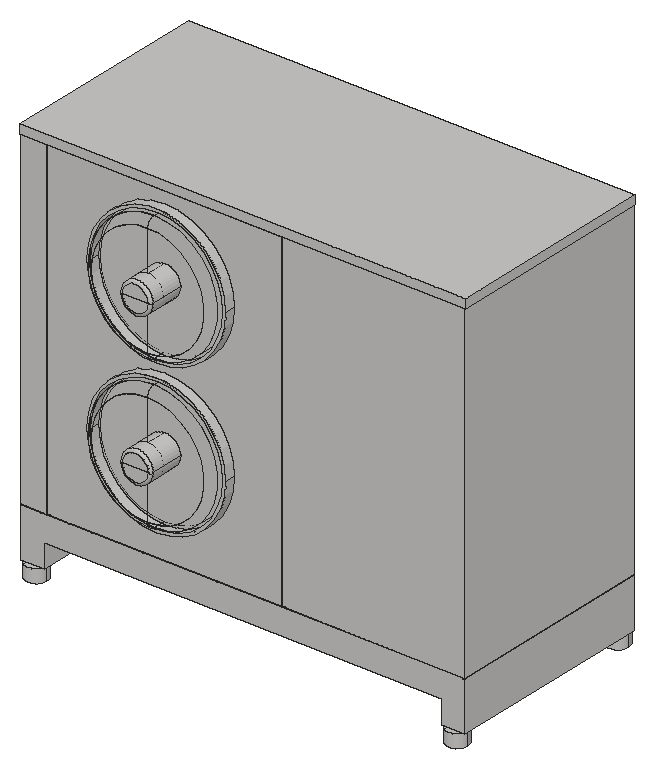
Revit family "QF_NuovAIR_CU-N260T1XL----", category Specialty Equipment, Revit 2019
Family settings
  Round Connector Dimension = Use Diameter
  Part Type = Normal
  Work Plane-Based = No
  Always vertical = Yes
  Cut with Voids When Loaded = No
  Shared = No
  Room Calculation Point = No
Parameters (values of type "CU-N260T1XL_400V 50A")
  Weight = 471.00 kg
  Volts = 400 V
  Volt Free Conn = no
  URL Manufacturer = "https://www.nuovair.com/"
  URL Cutsheet = "N260T1XL-en-1.pdf"
  URL = ""
  Show Logo [instance] = yes
  Show Clearance [instance] = no
  Refrigeration Suction Line Size = 42 mm
  Refrigeration Liquid Line Size = 22 mm
  Refrigeration Energy Efficiency Index = ""
  Refrigeration Climate Class = ""
  Refrigerant Type = "R452a"
  Refrigerant Compressor Remote = no
  Potential Equalisation = yes
  Phase = 3
  Number of Poles = 3
  Model = "CU-N260T1XL"
  Mat_Legs = QF_Stainless-Brushed
  Mat_Clearance = QF_Clearance
  Mat_Case = QF_Stainless-Brushed
  Masterspec = ""
  Manufacturer = "NUOVAIR"
  Main switch integrated = no
  Length Actual = 1700 mm  # constant formula
  Legs_R = 40 mm  # constant formula
  Keynote = "0"
  Item Number = "CU-N260T1XL"
  Identify Quantity as Lot = no
  Horse Power = "15"
  Height Actual = 1545 mm  # constant formula
  Foodservice Equipment Identifier = yes
  Energy Efficiency Labelling = ""
  FL Amps = 29 A
  Electric power = 14500000 W
  Elec Connection Height = 400 mm
  Ele_Note = ""
  Direct Waste Size = 0 mm
  Direct Waste Connection Height = 0 mm
  Description = "Condensing Unit"
  Description_FR = ""
  Description_ES = ""
  Description_EN = ""
  Description_DE = ""
  Depth Actual = 945 mm  # constant formula
  Cycle = 50 Hz
  Conn Plug = "terminal block"
  CE Approved = yes
  Author = ""
  Accessory = no
Types (3, lengths in mm): name | Volts | FL Amps | Cycle
  CU-N260T1XL_400V 50A | 400 V | 29 A | 50 Hz
  CU-N260T1XL_440V 60A | 440 V | 31.9 A | 60 Hz
  CU-N260T1XL_230V 60A | 230 V | 60.5 A | 60 Hz
Reference planes
  plane 1 "Center (Front/Back)": y = 0
  plane 2: z = 0
  plane 3 "Center (Left/Right)": x = 0
  plane 4 "SX": x = -850
  plane 5 "DX": x = 850
  plane 6: y = -945
  plane 7: y = -2945
  plane 8 "top": z = 1545
  plane 9: y = 500
  plane 10: x = 1350
  plane 11: x = -1350
  plane 12 "Base": z = 140
  plane 13: z = 1510
  plane 14 "Logo_N": z = 50
  plane 15: x = -805
  plane 16: x = 805
  plane 17: y = -17.5
  plane 18: y = -787.5
  plane 19: y = -805
  plane 20 "Ventilator_X": x = -300
  plane 21 "Ventilator_Z_01": z = 620
  plane 22 "Ventilator_Z_02": z = 1200
  plane 23: z = 240
  plane 24: x = -750
  plane 25: x = 150
  plane 26: y = -100
Forms (mm)
  Extrusion 1, solid, material "QF_Clearance" <- "Mat_Clearance", visible <- "Show Clearance"
    sketch origin (0, 0, 0) x (1, 0, 0) y (0, 1, 0)
      loop
        line (-850, 500) -> (-850, -2945) -> (850, -2945) -> (850, 500) -> (-850, 500)
    from 0 to 1545
  Extrusion 2, solid, material "QF_Clearance" <- "Mat_Clearance", visible <- "Show Clearance"
    sketch origin (0, 0, 0) x (1, 0, 0) y (0, 1, 0)
      loop
        line (-850, 0) -> (-850, -945) -> (850, -945) -> (850, 0) -> (-850, 0)
    from 0 to 1545
  Extrusion 3, solid, material "QF_Stainless-Brushed" <- "Mat_Case", detail levels medium+fine
    sketch origin (0, 0, 140) x (-1, 0, 0) y (0, -1, 0)
      loop
        line (850, 0) -> (850, 805) -> (-850, 805) -> (-850, 0) -> (850, 0)
    from 0 to 1370
  Extrusion 4, solid, material "QF_Clearance", visible <- "Show Clearance"
    sketch origin (0, 0, 0) x (1, 0, 0) y (0, 1, 0)
      loop
        line (-1350, -945) -> (1350, -945) -> (1350, 0) -> (-1350, 0) -> (-1350, -945)
    from 0 to 1545
  Extrusion 5, solid, material "QF_Stainless-Brushed" <- "Mat_Legs", detail levels medium+fine
    sketch origin (0, 0, 0) x (1, 0, 0) y (0, 1, 0)
      loop
        circle (-805, -17.5) r 40
      loop
        circle (805, -17.5) r 40
      loop
        circle (-805, -787.5) r 40
      loop
        circle (805, -787.5) r 40
    from 0 to 50
  Extrusion 6, solid, material "QF_Stainless-Brushed" <- "Mat_Case", detail levels medium+fine
    sketch origin (0, 0, 140) x (-1, 0, 0) y (0, -1, 0)
      loop
        line (850, 805) -> (760, 805) -> (760, 0) -> (850, 0) -> (850, 805)
      loop
        line (-760, 805) -> (-850, 805) -> (-850, 0) -> (-760, 0) -> (-760, 805)
    from -90 to 0
  Extrusion 7, solid, material "QF_Stainless-Brushed", detail levels medium+fine
    sketch origin (-1430.553, -1524, 1510) x (-1, 0, 0) y (0, -1, 0)
      loop
        line (-578.553, -1526) -> (-578.553, -717) -> (-2282.553, -717) -> (-2282.553, -1526) -> (-578.553, -1526)
    from 0 to 35
  Sweep 8, void
    path origin (-1430.553, -1524, 240) x (-1, 0, 0) y (0, -1, 0)
      loop
        line (-580.553, -719) -> (-2280.553, -719) -> (-2280.553, -1524) -> (-580.553, -1524) -> (-580.553, -719)
    profile "PRF_scalpel : PRF_scalpel" origin (0, -805, 240) x (0, 1, 0) y (0, 0, 1)
      loop
        line (1, 0) -> (-1, 2) -> (-51, 2) -> (-51, -2) -> (-1, -2) -> (1, 0)
  Sweep 9, void
    path origin (-1543.062, -805, 7500) x (-1, 0, 0) y (0, 0, 1)
      loop
        line (-793.062, -5990) -> (-793.062, -7260)
    profile "PRF_scalpel : PRF_scalpel" origin (-750, -805, 875) x (-1, 0, 0) y (0, 1, 0)
      loop
        line (0, 1) -> (-2, -1) -> (-2, -51) -> (2, -51) -> (2, -1) -> (0, 1)
  Sweep 10, void
    path origin (-383.062, -805, 7500) x (-1, 0, 0) y (0, 0, 1)
      loop
        line (-533.062, -5990) -> (-533.062, -7260)
    profile "PRF_scalpel : PRF_scalpel" origin (150, -805, 875) x (-1, 0, 0) y (0, 1, 0)
      loop
        line (0, 1) -> (-2, -1) -> (-2, -51) -> (2, -51) -> (2, -1) -> (0, 1)
  Sweep 11, void
    path origin (-850, 180.447, 4000) x (0, 1, 0) y (0, 0, 1)
      loop
        line (-280.447, -2490) -> (-280.447, -3760)
    profile "PRF_scalpel : PRF_scalpel" origin (-850, -100, 875) x (0, 1, 0) y (1, 0, 0)
      loop
        line (0, 1) -> (-2, -1) -> (-2, -51) -> (2, -51) -> (2, -1) -> (0, 1)
  Sweep 12, void
    path origin (0, 0, 0) x (1, 0, 0) y (0, 0, 1)
      loop
        line (150, 1510) -> (150, 240)
    profile "PRF_scalpel : PRF_scalpel" origin (150, 0, 875) x (1, 0, 0) y (0, -1, 0)
      loop
        line (0, 1) -> (-2, -1) -> (-2, -51) -> (2, -51) -> (2, -1) -> (0, 1)
  Sweep 13, void
    path origin (-760, 0, 0) x (1, 0, 0) y (0, 0, 1)
      loop
        line (10, 1510) -> (10, 240)
    profile "PRF_scalpel : PRF_scalpel" origin (-750, 0, 875) x (1, 0, 0) y (0, -1, 0)
      loop
        line (0, 1) -> (-2, -1) -> (-2, -51) -> (2, -51) -> (2, -1) -> (0, 1)
Cuts and joins
  joined: Extrusion 1, Extrusion 2
  Sweep 8, Sweep 9, Sweep 10, Sweep 11, Sweep 12, Sweep 13 cuts Extrusion 3
  joined: Extrusion 3, Extrusion 6
Lines and regions (mm)
  model lines, style "InvisibleLines"
    curve 1: line (-50, 0, 0) -> (50, 0, 0)
    curve 2: line (0, 50, 0) -> (0, -50, 0)
  model lines, style "QF_Case", detail levels coarse
    curve 3: line (-850, 0, 0) -> (850, 0, 0)
    curve 4: line (-850, -945, 0) -> (-850, 0, 0)
    curve 5: line (850, -945, 0) -> (-850, -945, 0)
    curve 6: line (850, 0, 0) -> (850, -945, 0)
    curve 7: line (850, -945, 1545) -> (850, -945, 0)
    curve 8: line (850, 0, 1545) -> (850, 0, 0)
    curve 9: line (-850, -945, 1545) -> (-850, -945, 0)
    curve 10: line (-850, 0, 1545) -> (-850, 0, 0)
    curve 11: line (-850, 0, 1545) -> (850, 0, 1545)
    curve 12: line (-850, -945, 1545) -> (-850, 0, 1545)
    curve 13: line (850, -945, 1545) -> (-850, -945, 1545)
    curve 14: line (850, 0, 1545) -> (850, -945, 1545)
Dimensions and locks
  curve 1 to plane 3 "Center (Left/Right)" to curve 1 = 50 mm locked, 50 mm locked
  curve 2 to plane 1 "Center (Front/Back)" to curve 2 = 50 mm locked, 50 mm locked
  "Height Actual": plane 8 "top" to level
  "Depth Actual": plane 6 to plane 1 "Center (Front/Back)"
  equal spacing: plane 4 "SX", plane 3 "Center (Left/Right)", plane 5 "DX"
  "Length Actual": plane 4 "SX" to plane 5 "DX"
  plane 6 to plane 1 "Center (Front/Back)" = 945 mm
  locked: plane 1 "Center (Front/Back)" to plane 9 at 500
  locked: plane 6 to plane 7 at 2000
  locked: plane 5 "DX" to plane 10 at 500
  locked: plane 11 to plane 4 "SX" at 500
  locked: plane 12 "Base" to Extrusion 4 at 140
  plane 8 "top" to plane 13 = 35 mm
  locked: plane 14 "Logo_N" to plane 2 at 50
  locked: plane 4 "SX" to plane 15 at 45
  locked: plane 16 to plane 5 "DX" at 45
  locked: plane 17 to plane 1 "Center (Front/Back)" at 17.5
  locked: plane 18 to plane 19 at 17.5
  locked: plane 4 "SX" to Extrusion 6 sketch curve at 90
  locked: Extrusion 6 sketch curve to plane 5 "DX" at 90
  locked: Extrusion 7 sketch curve to plane 4 "SX" at 2
  locked: plane 5 "DX" to Extrusion 7 sketch curve at 2
  locked: plane 19 to Extrusion 7 sketch curve at 2
  locked: plane 1 "Center (Front/Back)" to Extrusion 7 sketch curve at 2
  plane 17 to plane 18 = 770 mm
  locked: plane 19 to plane 1 "Center (Front/Back)" at 805
  plane 19 to plane 6 = 140 mm
  locked: plane 20 "Ventilator_X" to plane 4 "SX" at 550
  locked: plane 21 "Ventilator_Z_01" to plane 2 at 620
  locked: plane 22 "Ventilator_Z_02" to plane 21 "Ventilator_Z_01" at 580
  locked: plane 23 to plane 12 "Base" at 100
  locked: plane 4 "SX" to plane 24 at 100
  locked: plane 4 "SX" to plane 25 at 1000
  locked: plane 26 to plane 1 "Center (Front/Back)" at 100
  "Legs_R": radius of Extrusion 5 sketch curve  (x4)
  aligned and locked: level to plane 2
  aligned and locked: Extrusion 1 sketch curve to plane 4 "SX"
  aligned and locked: plane 7 to Extrusion 1 sketch curve
  aligned and locked: Extrusion 1 sketch curve to plane 5 "DX"
  aligned and locked: plane 8 "top" to Extrusion 1
  aligned and locked: plane 1 "Center (Front/Back)" to curve 3
  aligned and locked: plane 6 to curve 5
  aligned and locked: curve 6 to plane 5 "DX"
  aligned and locked: plane 4 "SX" to curve 4
  aligned and locked: plane 8 "top" to curve 8
  aligned and locked: plane 8 "top" to curve 7
  aligned and locked: plane 8 "top" to curve 10
  aligned and locked: plane 8 "top" to curve 9
  aligned and locked: level to curve 8
  aligned and locked: level to curve 7
  aligned and locked: level to curve 10
  aligned and locked: level to curve 9
  aligned and locked: curve 8 to plane 1 "Center (Front/Back)"
  aligned and locked: curve 10 to plane 1 "Center (Front/Back)"
  aligned and locked: plane 6 to curve 7
  aligned and locked: plane 6 to curve 9
  aligned and locked: plane 1 "Center (Front/Back)" to Extrusion 2 sketch curve
  aligned and locked: plane 6 to Extrusion 2 sketch curve
  aligned and locked: plane 8 "top" to Extrusion 2
  aligned and locked: plane 1 "Center (Front/Back)" to curve 11
  aligned and locked: plane 6 to curve 13
  aligned and locked: plane 1 "Center (Front/Back)" to Extrusion 3 sketch curve
  aligned and locked: Extrusion 3 sketch curve to plane 5 "DX"
  aligned and locked: plane 4 "SX" to Extrusion 3 sketch curve
  aligned and locked: plane 1 "Center (Front/Back)" to nested 1
  aligned and locked: plane 1 "Center (Front/Back)" to nested 2
  aligned and locked: plane 5 "DX" to nested 1
  aligned and locked: plane 5 "DX" to nested 2
  aligned and locked: Extrusion 1 sketch curve to plane 9
  aligned and locked: Extrusion 4 sketch curve to plane 11
  aligned and locked: plane 10 to Extrusion 4 sketch curve
  aligned and locked: Extrusion 4 sketch curve to plane 6
  aligned and locked: Extrusion 4 sketch curve to plane 1 "Center (Front/Back)"
  aligned and locked: plane 8 "top" to Extrusion 4
  aligned and locked: Extrusion 4 to level
  aligned and locked: Extrusion 3 to plane 12 "Base"
  aligned and locked: plane 13 to Extrusion 3
  aligned and locked: plane 15 to Extrusion 5 sketch curve  (x2)
  aligned and locked: plane 16 to Extrusion 5 sketch curve  (x2)
  aligned and locked: plane 18 to Extrusion 5 sketch curve  (x2)
  aligned and locked: plane 17 to Extrusion 5 sketch curve  (x2)
  aligned and locked: Extrusion 5 to level
  aligned and locked: plane 14 "Logo_N" to Extrusion 5
  aligned and locked: Extrusion 6 sketch curve to plane 4 "SX"
  aligned and locked: plane 5 "DX" to Extrusion 6 sketch curve
  aligned and locked: Extrusion 6 sketch curve to plane 1 "Center (Front/Back)"  (x2)
  aligned and locked: Extrusion 6 sketch curve to plane 19  (x2)
  aligned and locked: Extrusion 6 to plane 14 "Logo_N"
  aligned and locked: plane 12 "Base" to Extrusion 6
  aligned and locked: plane 19 to Extrusion 3 sketch curve
  aligned and locked: Extrusion 7 to plane 13
  aligned and locked: plane 8 "top" to Extrusion 7
  aligned and locked: plane 5 "DX" to nested 3
  aligned and locked: plane 1 "Center (Front/Back)" to nested 3
  aligned and locked: nested 4 to plane 20 "Ventilator_X"
  aligned and locked: plane 22 "Ventilator_Z_02" to nested 4
  aligned and locked: plane 21 "Ventilator_Z_01" to nested 5
  aligned and locked: nested 5 to plane 20 "Ventilator_X"
  aligned and locked: Sweep 8 sketch curve to plane 1 "Center (Front/Back)"
  aligned and locked: Sweep 8 sketch curve to plane 19
  aligned and locked: Sweep 8 sketch curve to plane 4 "SX"
  aligned and locked: plane 5 "DX" to Sweep 8 sketch curve
  aligned and locked: plane 13 to Sweep 9 sketch curve
  aligned and locked: plane 23 to Sweep 9 sketch curve
  aligned and locked: Sweep 9 sketch curve to plane 24
  aligned and locked: plane 13 to Sweep 10 sketch curve
  aligned and locked: plane 23 to Sweep 10 sketch curve
  aligned and locked: Sweep 10 sketch curve to plane 25
  aligned and locked: plane 13 to Sweep 11 sketch curve
  aligned and locked: plane 23 to Sweep 11 sketch curve
  aligned and locked: plane 26 to Sweep 11 sketch curve
  aligned and locked: plane 13 to Sweep 12 sketch curve
  aligned and locked: plane 23 to Sweep 12 sketch curve
  aligned and locked: plane 25 to Sweep 12 sketch curve
  aligned and locked: plane 13 to Sweep 13 sketch curve
  aligned and locked: plane 23 to Sweep 13 sketch curve
  aligned and locked: plane 24 to Sweep 13 sketch curve
Automatic sketch dimensions
  curve 2 to plane 3 "Center (Left/Right)" = 0 mm
  plane 1 "Center (Front/Back)" to curve 1 = 0 mm
  curve 11 to plane 5 "DX" = 0 mm
  curve 13 to plane 4 "SX" = 0 mm
  Extrusion 2 sketch curve to plane 4 "SX" = 0 mm
  Extrusion 2 sketch curve to plane 5 "DX" = 0 mm
Nested families
  nested 1: "Connection_DxSx" at (850, 0, 977), type "KTM", not visible
    with Width_DX 0 mm, Width Offset 0 mm, Depth Offset 57.5 mm, DX no
  nested 2: "Connection_DxSx" at (850, 0, 285), type "KTM", not visible
    with Width_DX 0 mm, Width Offset 0 mm, Depth Offset 747.5 mm, DX no
  nested 3: "Connection_DxSx" at (850, 0, 400), built-in parameter 1001364 <- "Elec Connection Height", type "KTM", not visible
    with Width_DX 0 mm, Width Offset 0 mm, Depth Offset 402.5 mm, DX no
  nested 4: "Ventilator_A" at (-300, -805, 1200) x (-1, 0, 0) z (0, -1, 0), Mat_A <- "Mat_Case", Mat_B <- "Mat_Case", type "Ventilator_A", detail levels medium+fine
    with Mat_C QF_Cross20x20, Mat_B QF_Stainless-Brushed, Mat_A QF_Stainless-Brushed
  nested 5: "Ventilator_A" at (-300, -805, 620) x (-1, 0, 0) z (0, -1, 0), Mat_A <- "Mat_Case", Mat_B <- "Mat_Case", type "Ventilator_A", detail levels medium+fine
    with Mat_C QF_Cross20x20, Mat_B QF_Stainless-Brushed, Mat_A QF_Stainless-Brushed
Connectors
  piping at (850.5, -57.5, 977), diameter 42, driven by "Refrigeration Suction Line Size"
    settings: on nested 1, index 3, connector inside diameter 609.6 mm, connector length 0 mm, flow factor 0, pipe flow 0.0 L/s, pressure drop 0.0 Pa, fitting loss kfactor 0, connector angle 0.00°, fixture units 0, engagement length 0 mm, angle of deflection 0.00°, flow configuration 0, flow direction 1, fitting loss method 0, system type 22, joint type 0, gender type 0, connector reference index -1, connector utility 0, adjustable connector no, is connector primary yes, connector description "Suction Line"
  piping at (850.5, -747.5, 285), diameter 22, driven by "Refrigeration Liquid Line Size"
    settings: on nested 2, index 4, connector inside diameter 609.6 mm, connector length 0 mm, flow factor 0, pipe flow 0.0 L/s, pressure drop 0.0 Pa, fitting loss kfactor 0, connector angle 0.00°, fixture units 0, engagement length 0 mm, angle of deflection 0.00°, flow configuration 0, flow direction 2, fitting loss method 0, system type 22, joint type 0, gender type 0, connector reference index -1, connector utility 0, adjustable connector no, is connector primary no, connector description "Liquid Line"
  electrical at (850.5, -402.5, 400), driven by "Number of Poles", driven by "Volts", driven by "Electric power", driven by "Ele_Note"
    settings: on nested 3, index 5, voltage 400 V, apparent load 14500000 VA, apparent load phase1 0 VA, apparent load phase2 0 VA, apparent load phase3 0 VA, power factor 1, load classification "Power", number of poles 3, system type 30, power factor state 1, is connector primary yes, connector utility no, sub classification motor no, connector description ""
Definition of nested family "Connection_DxSx"
  Parameters (values of type "KTM")
    Width_DX [instance] = if(DX, Width Offset * 2, 0 mm)  # 120 mm
    Width Offset [instance] = 60 mm
    Manufacturer = "Gjiom by www.RevitLandia.com"  # constant formula
    Depth Offset [instance] = 50 mm
    Default Elevation = 0 mm
    DX [instance] = yes
  Reference planes
    plane 1 "Center (Front/Back)": y = 0
    plane 2: z = 0
    plane 3 "Center (Left/Right)": x = 0
    plane 4 "Depth Offset": y = -50
    plane 5: x = 60
    plane 6: x = -60
  Forms (mm)
    Extrusion 1, solid
      sketch origin (0, 0, 0) x (1, 0, 0) y (0, 1, 0)
        loop
          circle (60, -50) r 15
      from -0.5 to 0.5
    Extrusion 2, solid
      sketch origin (0, -50, 0) x (-1, 0, 0) y (0, 0, 1)
        loop
          circle (-60, 0) r 15
      from -0.5 to 0.5
    Extrusion 3, solid
      sketch origin (60, 93.537, 4000) x (0, 1, 0) y (0, 0, 1)
        loop
          circle (-143.537, -4000) r 15
      from -0.5 to 0.5
  Lines and regions (mm)
    model lines
      curve 1: line (0, 0, 0) -> (0, -20, 0)
  Dimensions and locks
    "Depth Offset": plane 1 "Center (Front/Back)" to plane 4 "Depth Offset"
    "Width Offset": plane 6 to plane 3 "Center (Left/Right)"
    "Width_DX": plane 6 to plane 5
    aligned and locked: level to plane 2
    aligned and locked: plane 4 "Depth Offset" to Extrusion 1 sketch curve
    aligned and locked: level to Extrusion 2 sketch curve
    aligned and locked: level to Extrusion 3 sketch curve
    aligned and locked: plane 4 "Depth Offset" to Extrusion 3 sketch curve
    aligned and locked: plane 5 to Extrusion 1 sketch curve
    aligned and locked: plane 5 to Extrusion 2 sketch curve
  Automatic sketch dimensions
    curve 1 to plane 3 "Center (Left/Right)" = 0 mm
    plane 1 "Center (Front/Back)" to curve 1 = 0 mm
    plane 1 "Center (Front/Back)" to curve 1 = 20 mm
    radius of Extrusion 1 sketch curve = 15 mm
    radius of Extrusion 2 sketch curve = 15 mm
    radius of Extrusion 3 sketch curve = 15 mm
Definition of nested family "Ventilator_A"
  Parameters (values of type "Ventilator_A")
    Mat_C [instance] = none
    Mat_A [instance] = none
    Default Elevation = 1219.2 mm
    Mat_B [instance] = none
  Reference planes
    plane 1 "Centro (Fronte/Retro)": y = 0
    plane 2: z = 0
    plane 3 "Centro (Sinistra/Destra)": x = 0
    plane 4: z = 40
    plane 5: z = 80
    plane 6: z = 140
  Forms (mm)
    Extrusion 1, solid, material <- "Mat_A"
      sketch origin (0, 0, 0) x (1, 0, 0) y (0, 1, 0)
        loop
          circle (0, 0) r 265
        loop
          circle (0, 0) r 255
      from 0 to 40
    Revolve 2, solid, material <- "Mat_B"
      sketch origin (0, 0, 0) x (1, 0, 0) y (0, 0, 1)
        loop
          arc (-50, 140) -> (-57.071, 137.071) -> (-60, 130) r 10
          line (-60, 130) -> (-60, 0) -> (0, 0) -> (0, 140) -> (-50, 140)
        axis (0, 140) -> (0, 0)
      angle from 0 to 360
    Revolve 3, solid, material <- "Mat_C"
      sketch origin (0, 0, 0) x (0, 1, 0) y (0, 0, 1)
        loop
          arc (-215, 80) -> (-236.213, 71.213) -> (-245, 50) r 30
          line (-245, 50) -> (-245, 0) -> (-60, 0) -> (-60, 80) -> (-215, 80)
        axis (0, 0) -> (0, 80)
      angle from 0 to 360
  Dimensions and locks
    locked: plane 4 to level at 40
    locked: plane 5 to level at 80
    locked: plane 6 to level at 140
    locked: plane 3 "Centro (Sinistra/Destra)" to Revolve 2 sketch curve at 60
    locked: Revolve 3 sketch curve to plane 1 "Centro (Fronte/Retro)" at 60
    locked: Revolve 3 sketch curve to plane 1 "Centro (Fronte/Retro)" at 245
    aligned and locked: level to plane 2
    aligned and locked: plane 3 "Centro (Sinistra/Destra)" to Extrusion 1 sketch curve  (x2)
    aligned and locked: plane 1 "Centro (Fronte/Retro)" to Extrusion 1 sketch curve  (x2)
    aligned and locked: Extrusion 1 to level
    aligned and locked: plane 4 to Extrusion 1
    aligned and locked: Revolve 2 sketch curve to plane 3 "Centro (Sinistra/Destra)"  (x2)
    aligned and locked: Revolve 2 sketch curve to plane 6
    aligned and locked: level to Revolve 2 sketch curve
    aligned and locked: Revolve 3 sketch curve to plane 5
    aligned and locked: plane 2 to Revolve 3 sketch curve
    aligned and locked: Revolve 3 sketch curve to plane 1 "Centro (Fronte/Retro)"
